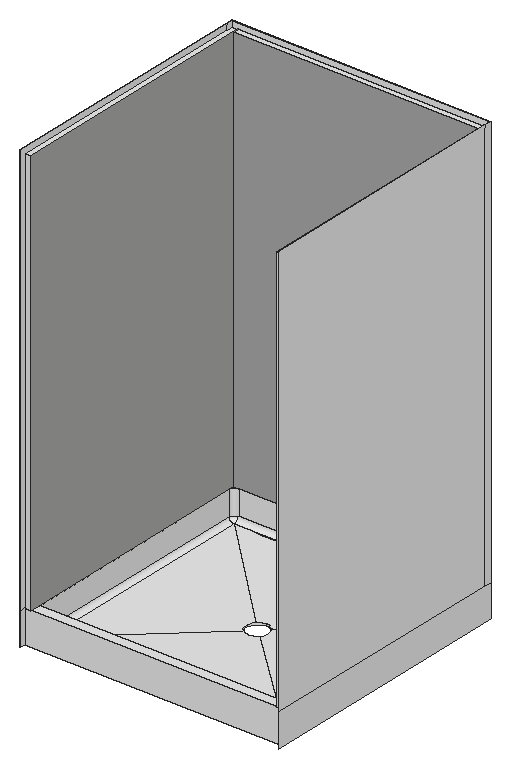
Revit family "4LBS4848FB", category Plumbing Fixtures, Revit 2016
Family settings
  Part Type = Normal
  Round Connector Dimension = Use Diameter
  OmniClass Number = 23.45.05.14.17
  OmniClass Title = Showers
  Work Plane-Based = No
  Always vertical = Yes
  Cut with Voids When Loaded = No
  Shared = No
  Room Calculation Point = No
Parameters (values of type "4LBS4848FB")
  Unit Width = 48"
  Unit Height = 82 1/2"
  Unit Depth = 49"
  URL = "http://www.bestbath.com/"
  Type Comments = "Remodeler"
  Model = "4LBS4848FB"
  Material [instance] = Best Bath Gelcoat Fiberglass - 4 x 8 Subway Tile
  Manufacturer = "best bath"
  Keynote = "22 40 00.B3"
  Description = "4 x 8 Subway Tile Finish"
  Assembly Code = "D2010710"
Reference planes (in)
  plane 1 "Back": y = -0.5
  plane 2: z = 0
  plane 3 "Left": x = 0
  plane 4: x = 48
  plane 5: y = -48.5
  plane 6: z = 81.5
  plane 7: z = 0.625
  plane 8: z = 82.5
  plane 9: x = 24
  plane 10: y = -1.75
  plane 11: y = -24.5
  plane 12: z = 0.25
  plane 13: z = 6
  plane 14: y = -49.5
Forms (in)
  Extrusion 1, solid, material "Best Bath Gelcoat Fiberglass - Smooth"
    sketch origin (0, 0, 0) x (1, 0, 0) y (0, 1, 0)
      loop
        line (0, -0.5) -> (0, -48.5) -> (48, -48.5) -> (48, -0.5) -> (0, -0.5)
      loop
        circle (24, -24.5) r 2.0625
    from 0 to 0.625
  Extrusion 2, solid, material "Best Bath Gelcoat Fiberglass - Smooth"
    sketch origin (0, 0, 0) x (1, 0, 0) y (0, 1, 0)
      loop
        line (1.25, -0.5) -> (1.25, -1.75) -> (46.75, -1.75) -> (46.75, -0.5) -> (1.25, -0.5)
    from 6 to 81.5
  Extrusion 3, solid, material "Best Bath Gelcoat Fiberglass - Smooth"
    sketch origin (0, 0, 0) x (1, 0, 0) y (0, 1, 0)
      loop
        line (0, -48.5) -> (1.25, -48.5) -> (1.25, -2.75)
        arc (1.25, -2.75) -> (1.54289, -2.04289) -> (2.25, -1.75) r 1
        line (2.25, -1.75) -> (45.75, -1.75)
        arc (45.75, -1.75) -> (46.45711, -2.04289) -> (46.75, -2.75) r 1
        line (46.75, -2.75) -> (46.75, -48.5) -> (48, -48.5) -> (48, -0.5) -> (0, -0.5) -> (0, -48.5)
    from 0 to 6
  Extrusion 4, solid, material "Best Bath Gelcoat Fiberglass - Smooth"
    sketch origin (0, 0, 0) x (1, 0, 0) y (0, 1, 0)
      loop
        line (0.125, -48.5) -> (1.25, -48.5) -> (1.25, -0.625) -> (0.125, -0.625) -> (0.125, -48.5)
      loop
        line (46.75, -48.5) -> (47.875, -48.5) -> (47.875, -0.625) -> (46.75, -0.625) -> (46.75, -48.5)
    from 6 to 81.5
  Sweep 5, solid, material "Best Bath Gelcoat Fiberglass - Smooth"
    path origin (0, 0, 0) x (1, 0, 0) y (0, 1, 0)
      loop
        line (1.25, -48.5) -> (1.25, -2.75)
        arc (1.25, -2.75) -> (1.54289, -2.04289) -> (2.25, -1.75) r 1
        line (2.25, -1.75) -> (45.75, -1.75)
        arc (45.75, -1.75) -> (46.45711, -2.04289) -> (46.75, -2.75) r 1
        line (46.75, -2.75) -> (46.75, -48.5)
    profile origin (1.25, -25.625, 0) x (-1, 0, 0) y (0, 0, 1)
      loop
        line (0, 0.625) -> (0, 1.525)
        arc (0, 1.525) -> (-0.2636, 0.8886) -> (-0.9, 0.625) r 0.9
        line (-0.9, 0.625) -> (0, 0.625)
  Blend 6, void
    base sketch origin (0, 0, 0) x (1, 0, 0) y (0, 1, 0)
      loop
        line (2.25, -45.5) -> (45.75, -45.5) -> (45.75, -2.75) -> (2.25, -2.75) -> (2.25, -45.5)
    top sketch origin (0, 0, 0) x (1, 0, 0) y (0, 1, 0)
      loop
        circle (24, -24.5) r 0.05278
    from 0.625 to 0.25
  Sweep 7, solid, material "Best Bath Gelcoat Fiberglass - Smooth"
    path origin (0, 0, 0) x (1, 0, 0) y (0, 1, 0)
      loop
        line (1.25, -48.5) -> (46.75, -48.5)
    profile origin (24, -48.5, 0) x (0, 1, 0) y (0, 0, 1)
      loop
        line (0, 0) -> (3.11628, 0) -> (2, 6) -> (0, 6) -> (0, 0)
  Extrusion 8, solid, material "Best Bath Gelcoat Fiberglass - Smooth"
    sketch origin (0, 0, 0) x (1, 0, 0) y (0, 1, 0)
      loop
        line (0, -48.5) -> (0, -49.5) -> (0.125, -49.5) -> (0.125, -48.5) -> (0, -48.5)
      loop
        line (48, -48.5) -> (47.875, -48.5) -> (47.875, -49.5) -> (48, -49.5) -> (48, -48.5)
    from 0 to 6
  Extrusion 9, solid, material "Best Bath Gelcoat Fiberglass - Smooth"
    sketch origin (0, 0, 0) x (1, 0, 0) y (0, 1, 0)
      loop
        line (0, -0.5) -> (0, -1.75) -> (0.125, -1.75) -> (0.125, -0.625) -> (47.875, -0.625) -> (47.875, -1.75) -> (48, -1.75) -> (48, -0.5) -> (0, -0.5)
    from 6 to 82.5
  Extrusion 10, solid, material "Best Bath Gelcoat Fiberglass - Smooth"
    sketch origin (0, 0, 0) x (1, 0, 0) y (0, 1, 0)
      loop
        line (0, -49.5) -> (0.125, -49.5) -> (0.125, -1.75) -> (0, -1.75) -> (0, -49.5)
      loop
        line (48, -49.5) -> (48, -1.75) -> (47.875, -1.75) -> (47.875, -49.5) -> (48, -49.5)
    from 6 to 82.5
Cuts and joins
  Blend 6 cuts Extrusion 1
  Blend 6 cuts Extrusion 3
  Blend 6 cuts Sweep 5
  joined: Extrusion 1, Extrusion 3, Sweep 5, Sweep 7, Extrusion 8
  joined: Extrusion 4, Extrusion 10
  joined: Extrusion 2, Extrusion 9
Dimensions and locks (in)
  "Unit Width": plane 3 "Left" to plane 4
  locked: plane 7 to level at 0.625
  locked: plane 8 to plane 6 at 1
  "Unit Height": plane 8 to level
  equal spacing: plane 3 "Left", plane 9, plane 4
  plane 1 "Back" to plane 11 = 24"
  plane 10 to plane 1 "Back" = 1 1/4"
  locked: plane 7 to plane 12 at 0.375
  locked: plane 13 to level at 6
  locked: plane 5 to plane 14 at 1
  "Unit Depth": plane 14 to plane 1 "Back"
  aligned and locked: level to plane 2
  aligned and locked: Extrusion 1 to plane 7
  aligned and locked: plane 5 to Extrusion 1 sketch curve
  aligned and locked: plane 4 to Extrusion 1 sketch curve
  aligned and locked: Extrusion 2 sketch curve to Extrusion 1
  aligned and locked: Extrusion 2 sketch curve to plane 10
  aligned and locked: plane 11 to Extrusion 1 sketch curve
  aligned and locked: plane 9 to Extrusion 1 sketch curve
  aligned and locked: plane 13 to Extrusion 3
  aligned and locked: Extrusion 2 to plane 13
  aligned and locked: plane 6 to Extrusion 2
  aligned and locked: Extrusion 4 to Extrusion 2
  aligned and locked: plane 6 to Extrusion 4
  aligned and locked: Sweep 5 sketch curve to plane 7
  aligned and locked: plane 11 to Blend 6 sketch curve
  aligned and locked: plane 9 to Blend 6 sketch curve
  aligned and locked: Extrusion 1 to Blend 6
  aligned and locked: Blend 6 to plane 12
  aligned and locked: Extrusion 8 to Extrusion 2
  aligned and locked: plane 8 to Extrusion 9
  aligned and locked: Extrusion 10 to plane 13
  aligned and locked: plane 8 to Extrusion 10
  aligned and locked: Extrusion 9 to plane 13
Automatic sketch dimensions
  Extrusion 1 sketch curve to plane 3 "Left" = 0"
  plane 1 "Back" to Extrusion 1 sketch curve = 0"
  plane 1 "Back" to Extrusion 3 sketch curve = 0"
  Extrusion 3 sketch curve to plane 3 "Left" = 0"
  Extrusion 3 sketch curve to plane 5 = 0"  (x2)
  Extrusion 3 sketch curve to plane 10 = 0"
  Extrusion 3 sketch curve to plane 4 = 0"
  plane 4 to Extrusion 3 sketch curve = 1 1/4"
  Extrusion 3 sketch curve to plane 10 = 1"
  plane 3 "Left" to Extrusion 3 sketch curve = 1 1/4"
  Extrusion 3 sketch curve to Extrusion 3 sketch curve = 1"
  Sweep 5 sketch curve to plane 10 = 0"
  plane 3 "Left" to Sweep 5 sketch curve = 1 1/4"
  Sweep 5 sketch curve to plane 10 = 1"  (x2)
  Sweep 5 sketch curve to plane 5 = 0"  (x2)
  plane 4 to Sweep 5 sketch curve = 2 1/4"
  Sweep 5 sketch curve to profile plane = 0"
  profile plane to Sweep 5 sketch curve = 0.9"
  Sweep 7 sketch curve to plane 5 = 0"
  plane 3 "Left" to Sweep 7 sketch curve = 1 1/4"
  plane 4 to Sweep 7 sketch curve = 1 1/4"
  Sweep 7 sketch curve to profile plane = 0"
  level to Sweep 7 sketch curve = 6"
  Sweep 7 sketch curve to profile plane = 3.11628"
  Sweep 7 sketch curve to profile plane = 2"
  level to Sweep 7 sketch curve = 0"
  Blend 6 sketch curve to plane 10 = 1"
  plane 3 "Left" to Blend 6 sketch curve = 2 1/4"
  plane 5 to Blend 6 sketch curve = 3"
  plane 4 to Blend 6 sketch curve = 2 1/4"
  Extrusion 8 sketch curve to plane 3 "Left" = 0"
  Extrusion 8 sketch curve to plane 14 = 0"  (x2)
  Extrusion 8 sketch curve to plane 5 = 0"  (x2)
  Extrusion 8 sketch curve to plane 4 = 0"
  plane 3 "Left" to Extrusion 8 sketch curve = 1/8"
  plane 4 to Extrusion 8 sketch curve = 1/8"
  plane 3 "Left" to Extrusion 2 sketch curve = 1 1/4"
  plane 4 to Extrusion 2 sketch curve = 1 1/4"
  Extrusion 10 sketch curve to plane 3 "Left" = 0"
  Extrusion 10 sketch curve to plane 14 = 0"  (x2)
  Extrusion 10 sketch curve to plane 10 = 0"  (x2)
  Extrusion 10 sketch curve to plane 4 = 0"
  plane 3 "Left" to Extrusion 10 sketch curve = 1/8"
  plane 4 to Extrusion 10 sketch curve = 1/8"
  plane 1 "Back" to Extrusion 9 sketch curve = 0"
  Extrusion 9 sketch curve to plane 3 "Left" = 0"
  Extrusion 9 sketch curve to plane 10 = 0"  (x2)
  Extrusion 9 sketch curve to plane 4 = 0"
  plane 3 "Left" to Extrusion 9 sketch curve = 1/8"
  Extrusion 9 sketch curve to Extrusion 9 sketch curve = 1/8"
  plane 1 "Back" to Extrusion 9 sketch curve = 1/8"
  Extrusion 4 sketch curve to plane 5 = 0"  (x2)
  plane 3 "Left" to Extrusion 4 sketch curve = 1/8"
  Extrusion 4 sketch curve to Extrusion 4 sketch curve = 1 1/8"
  plane 4 to Extrusion 4 sketch curve = 1 1/4"
  plane 4 to Extrusion 4 sketch curve = 1/8"
  plane 1 "Back" to Extrusion 4 sketch curve = 1/8"  (x2)
  radius of Extrusion 1 sketch curve = 2 1/16"
  radius of Blend 6 sketch curve = 0.05278"
